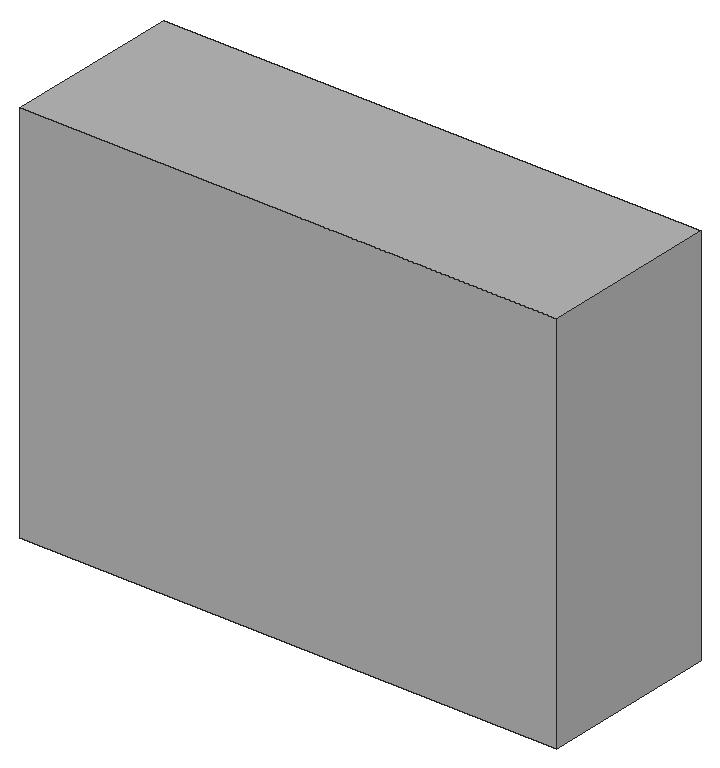
Revit family "100x215x300mm Padstone -PS102A", category Generic Models, Revit 2020
Family settings
  Can host rebar = No
  Round Connector Dimension = Use Diameter
  Part Type = Normal
  Work Plane-Based = No
  Always vertical = Yes
  Cut with Voids When Loaded = No
  Shared = No
  Room Calculation Point = No
Parameters
  Weight = "16Kg"
  Warranty Guarantor Parts = "n/a"
  Warranty Guarantor Labour = "n/a"
  Warranty Duration Unit = "n/a"
  Warranty Duration Parts = "n/a"
  Warranty Duration Labour = "n/a"
  Warranty Description = "n/a"
  Unit Width [instance] = 100 mm
  Unit Length [instance] = 300 mm
  Unit Height [instance] = 215 mm
  URL = "www.killeshal.com"
  Types = "Single"
  Type Comments = "Visit our website for a full list of available products."
  Sustainability Performance = "n/a"
  Structural Class = "n/a"
  Span = "Length."
  Slope = "0.00°"
  Size = "100 Wide x 215 High x 300mm Long."
  Shape = "As per drawing"
  Service Life = "0.000000"
  Serial Number = "n/a"
  Resistance to Fire = "n/a"
  Replacement Cost = "n/a"
  Reference = "n/a"
  Notified Body = "n/a"
  Nominal Cover to Main Bar = "n/a"
  Model = "P/102A Padstone."
  Mechanical Resistance = "n/a"
  Manufacturer = "Killeshal Precast Concrete Ltd."
  Load Bearing = yes
  Life Cycle Environmental Load = "n/a"
  Length Options = "Stock sizes available. Custom sizes made to order."
  Keynote = "The information contained is the sole property of KPC Ltd., any reproduction in part or whole without permission of KPC Ltd. is prohibited."
  Environmental Product Declaration = "n/a"
  Environmental Class = "n/a"
  Durability against Corrosion = "n/a"
  Dimension Accuracy Class = "n/a"
  Detailing = "As per design specification and product drawings."
  Description = "Padstone 100 x 215 x 300mm."
  Default Elevation = 0 mm
  Dangerous Substances = "n/a"
  Contact Tel = "0035357 9353018"
  Contact Email = "sales@killeshal.com"
  Construction Type = "Precast"
  Construction Tolerance Class = "n/a"
  Compressive Strength of Concrete = "40N/mm²"
  Characteristics of Reinforcing Steel = "n/a"
  Characteristics Deflection Under Load = "n/a"
Reference planes
  plane 1 "Center (Front/Back)": y = 0
  plane 2: z = 0
  plane 3 "Center (Left/Right)": x = 0
  plane 4 "Rear": y = 50
  plane 5 "Front": y = -50
  plane 6 "Top": z = 215
Forms (mm)
  Extrusion 1, solid, material "Precast Concrete (KPC)"
    sketch origin (0, 0, 0) x (0, 1, 0) y (0, 0, 1)
      loop
        line (50, 0) -> (50, 215) -> (-50, 215) -> (-50, 0) -> (50, 0)
    from 0 to 300
Dimensions and locks
  "Unit Length": Extrusion 1 to Extrusion 1
  "Unit Width": Extrusion 1 to Extrusion 1
  "Unit Height": Extrusion 1 to Extrusion 1
  aligned and locked: level to plane 2
Automatic sketch dimensions
  Extrusion 1 sketch curve to level = 0 mm
  Extrusion 1 sketch curve to plane 5 "Front" = 0 mm
  Extrusion 1 sketch curve to plane 4 "Rear" = 0 mm
  Extrusion 1 sketch curve to plane 6 "Top" = 0 mm
